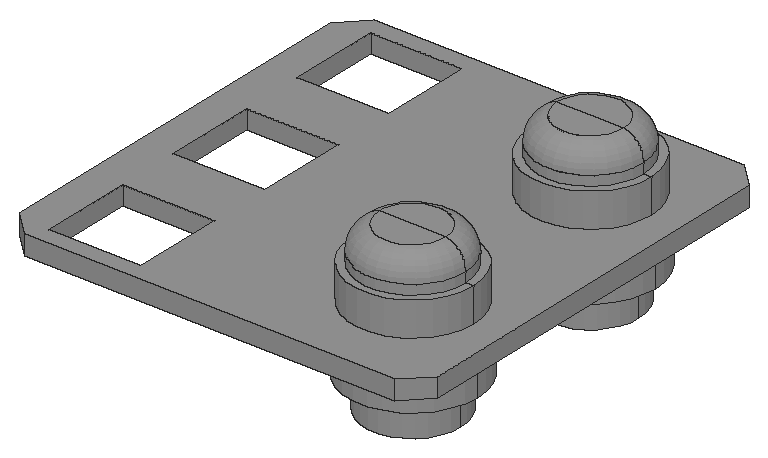
Revit family "ITK _Переходник", category Обобщенные модели, Revit 2019
Family settings
  Может служить основой для арматурных стержней = Нет
  Размер круглого соединителя = Использовать диаметр
  Тип детали = Нормальный
  На основе рабочей плоскости = Нет
  Всегда вертикально = Да
  При загрузке вырезать с полостями = Нет
  Общий = Нет
  Точка расчета площади = Нет
Parameters (values of type "AD35-01U")
  Степень защиты = ""
  Изготовитель = "ITK"  # constant formula
  Дата изменения = ""
  Тип монтажа = "Навесной"  # constant formula
  URL = "https://www.iek.ru/"
  KSI_CPr_Строительные изделия = "61.1.03.04"  # constant formula
  KSI_CMa_Строительные материалы = "10.03.02.06"  # constant formula
  IEK_Цена за единицу = 768.4
  IEK_Поиск в таблице имен = ""
  IEK_Описание = "Совместимы со всеми 21\" шкафами и стойками.\r\nУдобны в монтаже и эксплуатации.\r\nМонтаж с использованием крепежа винт-шайба-гайка М6.\r\nСоответствие российским и международным стандартам.\r\nПоставляются в полиэтиленовом пакете."
  IEK_URL = "https://www.itk-group.ru/produktsiya/catalog/oborudovanie_telekommunikatsionnoe/shkafy_telekommunikatsionnye/komplektuyushchie_i_aksessuary_dlya_shkafov_i_stoek/kreplenie/itk_perekhodnik_s_19_na_21_1u_seryy"
  ADSK_Примечание = ""
  ADSK_Позиция [instance] = ""
  ADSK_Наименование = "ITK Переходник с 19\" на 21\", 1U, серый"
  ADSK_Материал обозначение = ""
  ADSK_Материал наименование = "Сталь"  # constant formula
  ADSK_Масса = 0.05
  ADSK_Марка = ""  # constant formula
  ADSK_Код изделия = "AD35-01U"
  ADSK_Завод-изготовитель = "IEK"  # constant formula
  ADSK_Единица измерения = "шт"
  ADSK_Группирование = "I. ЩИТЫ И ПУЛЬТЫ"  # constant formula
  ADSK_Версия семейства = "1.0"  # constant formula
  ADSK_Версия Revit = "2019"  # constant formula
  ADSK_URL страницы изделия = "https://www.itk-group.ru/produktsiya/catalog/oborudovanie_telekommunikatsionnoe/shkafy_telekommunikatsionnye/komplektuyushchie_i_aksessuary_dlya_shkafov_i_stoek/kreplenie/"
Reference planes
  plane 1 "По центру (Вперед/Назад)": y = 0
  plane 2: z = 0
  plane 3 "По центру (Влево/Вправо)": x = 0
Forms (mm)
  Extrusion 1, solid, material "Окраска - RAL 7035", detail levels fine
    sketch origin (0, 0, 0) x (1, 0, 0) y (0, 1, 0)
      loop
        line (-21.5, 20.038) -> (-21.5, -20.038) -> (-19.038, -22.5) -> (19.038, -22.5) -> (21.5, -20.038) -> (21.5, 20.038) -> (19.038, 22.5) -> (-19.038, 22.5) -> (-21.5, 20.038)
    from 0 to 2
  Extrusion 2, void
    sketch origin (0, 0, 0) x (1, 0, 0) y (0, 1, 0)
      loop
        line (-8.5, 11.25) -> (-8.5, 20.75) -> (-18, 20.75) -> (-18, 11.25) -> (-8.5, 11.25)
      loop
        line (-8.5, -4.75) -> (-8.5, 4.75) -> (-18, 4.75) -> (-18, -4.75) -> (-8.5, -4.75)
      loop
        line (-8.5, -20.75) -> (-8.5, -11.25) -> (-18, -11.25) -> (-18, -20.75) -> (-8.5, -20.75)
      loop
        circle (12.034, 11.442) r 3.5
      loop
        circle (12.034, -11.464) r 3.5
    from 0 to 2
  Revolve 3, solid, material "Окраска - RAL 7035", detail levels fine
    sketch origin (-185.99, -11.464, 1200) x (-1, 0, 0) y (0, 0, 1)
      loop
        line (-198.08, -1191) -> (-198.08, -1208) -> (-193.08, -1208) -> (-193.08, -1204.662) -> (-191.38, -1204.662) -> (-191.38, -1201.802)
        arc (-191.38, -1201.802) -> (-191.594, -1201.14) -> (-192.23, -1200.857) r 0.855
        line (-192.23, -1200.857) -> (-193.08, -1200.857) -> (-193.08, -1200) -> (-195.15, -1200) -> (-195.15, -1198) -> (-191.78, -1198) -> (-191.78, -1194.5) -> (-192.617, -1194.5) -> (-192.617, -1193.5)
        arc (-192.617, -1193.5) -> (-193.191, -1191.887) -> (-194.654, -1191) r 2.553
        line (-194.654, -1191) -> (-198.08, -1191)
      axis (-198.08, -1191) -> (-198.08, -1208)
    angle from 0 to 360
  Revolve 4, solid, material "Окраска - RAL 7035", detail levels fine
    sketch origin (-185.99, 11.464, 1200) x (-1, 0, 0) y (0, 0, -1)
      loop
        line (-198.08, 1191) -> (-194.654, 1191)
        arc (-194.654, 1191) -> (-193.191, 1191.887) -> (-192.617, 1193.5) r 2.553
        line (-192.617, 1193.5) -> (-192.617, 1194.5) -> (-191.78, 1194.5) -> (-191.78, 1198) -> (-195.15, 1198) -> (-195.15, 1200) -> (-193.08, 1200) -> (-193.08, 1200.857) -> (-192.23, 1200.857)
        arc (-192.23, 1200.857) -> (-191.594, 1201.14) -> (-191.38, 1201.802) r 0.855
        line (-191.38, 1201.802) -> (-191.38, 1204.662) -> (-193.08, 1204.662) -> (-193.08, 1208) -> (-198.08, 1208) -> (-198.08, 1191)
      axis (-198.08, 1191) -> (-198.08, 1208)
    angle from 0 to 360
  Extrusion 5, solid, detail levels coarse+medium
    sketch origin (0, 0, 0) x (1, 0, 0) y (0, 1, 0)
      loop
        line (-21.5, 22.5) -> (-21.5, -22.5) -> (21.493, -22.5) -> (21.493, 22.5) -> (-21.5, 22.5)
    from 0 to 2
Cuts and joins
  Extrusion 2 cuts Extrusion 1
Dimensions and locks
  aligned and locked: level to plane 2
  aligned and locked: Revolve 3 sketch curve to Revolve 3 sketch curve
  aligned and locked: Revolve 4 sketch curve to Revolve 4 sketch curve
